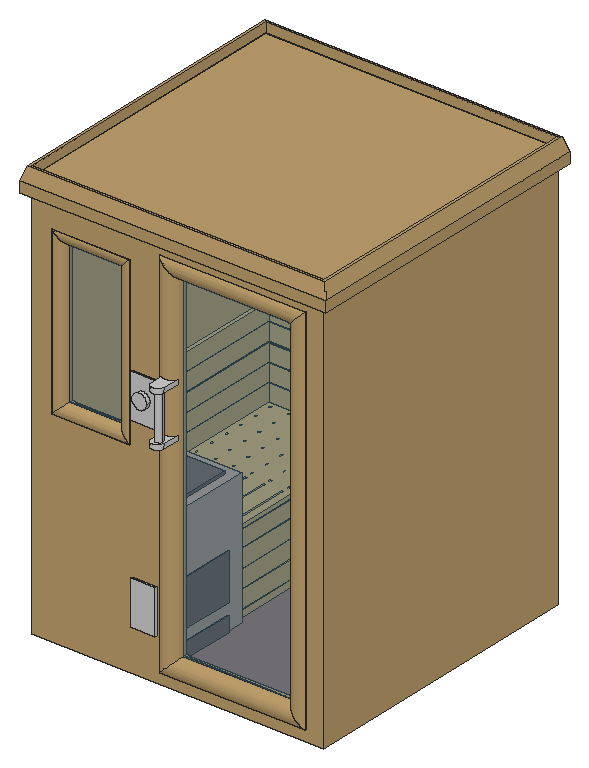
Revit family
Parameters (values of type "Sauna_Reed")
  Unit = Wood Pane
  Subcategory = "Sauna"
  SmartBIM Object Version = 3  # constant formula
  SmartBIM Object Created By = "Reed Construction Data"  # constant formula
  Manufacturer = ""
  Handle = Stainless Steel
  Default Elevation = 0"  # constant formula
  Assembly Code = "D5020200"
  95 CSI = "13030"
  04 CSI = "13 24 16"
Reference planes (in)
  plane 1 "Center (Front/Back)": y = 0.5
  plane 2: z = 0
  plane 3 "Center (Left/Right)": x = -5
  plane 4 "Back": y = 30.5
  plane 5 "Front": y = -29.5
  plane 6 "Left": x = -35
  plane 7 "Right": x = 25
  plane 8 "Top": z = 84
  plane 9: z = 2
  plane 10: z = 81
Forms (in)
  Extrusion 1, solid, material "Wood Pane"
    sketch origin (0, 0, 0) x (1, 0, 0) y (0, 1, 0)
      loop
        line (-35, 30.5) -> (-35, -29.5) -> (25, -29.5) -> (25, 30.5) -> (-35, 30.5)
      loop
        line (-32, 27.5) -> (-32, -26.5) -> (22, -26.5) -> (22, 27.5) -> (-32, 27.5)
    from 0 to 81
  Extrusion 2, solid, material "Wood Pane"
    sketch origin (0, 0, 0) x (1, 0, 0) y (0, 1, 0)
      loop
        line (25, 30.5) -> (-35, 30.5) -> (-35, -29.5) -> (25, -29.5) -> (25, 30.5)
    from 81 to 84
  Sweep 3, solid, material "Wood Pane" <- "Unit"
    path origin (-60, -180, 84) x (-1, 0, 0) y (0, -1, 0)
      loop
        line (-25, -210.5) -> (-25, -150.5) -> (-85, -150.5) -> (-85, -210.5) -> (-25, -210.5)
    profile origin (-5, 30.5, 84) x (0, 1, 0) y (0, 0, 1)
      loop
        line (0, 0) -> (0.3001, -0.95089) -> (0.3001, -3) -> (1.3001, -3) -> (1.3001, -0.79684) -> (0.42262, 1.98352) -> (0, 1.98352) -> (0, 0)
  Extrusion 4, void
    sketch origin (0, 0.5, 0) x (1, 0, 0) y (0, 0, 1)
      loop
        line (-30.76791, 75.85397) -> (-30.76791, 41.85397) -> (-14.76791, 41.85397) -> (-14.76791, 75.85397) -> (-30.76791, 75.85397)
      loop
        line (21.26791, 78.85397) -> (-8.73209, 78.85397) -> (-8.73209, 2) -> (21.26791, 2) -> (21.26791, 78.85397)
    from 27 to 30
  Sweep 5, solid, material "Wood Pane"
    path origin (-60, -29.5, 48) x (-1, 0, 0) y (0, 0, 1)
      loop
        line (-45.23209, 27.85397) -> (-45.23209, -6.14603) -> (-29.23209, -6.14603) -> (-29.23209, 27.85397) -> (-45.23209, 27.85397)
    profile origin (-22.76791, -29.5, 75.85397) x (0, 0, 1) y (0, 1, 0)
      loop
        line (0, 0) -> (0, 3)
        arc (0, 3) -> (-1.55569, 2.94278) -> (-2.38449, 1.625) r 1.66547
        line (-2.38449, 1.625) -> (-1.35794, 1.625) -> (-1.35794, 1.375) -> (-2.38449, 1.375)
        arc (-2.38449, 1.375) -> (-1.55569, 0.05722) -> (0, 0) r 1.66547
  Extrusion 6, solid, material "Glass"
    sketch origin (-5, 0, 0) x (0, 1, 0) y (0, 0, 1)
      loop
        line (-28.125, 43.21191) -> (-27.875, 43.21191) -> (-27.875, 74.49603) -> (-28.125, 74.49603) -> (-28.125, 43.21191)
    from -24.40997 to -11.12585
  Sweep 7, solid, material "Wood Pane"
    path origin (-60, -29.5, 48) x (-1, 0, 0) y (0, 0, 1)
      loop
        line (-81.26791, 30.85397) -> (-81.26791, -46) -> (-51.26791, -46) -> (-51.26791, 30.85397) -> (-81.26791, 30.85397)
    profile origin (6.26791, -29.5, 78.85397) x (0, 0, 1) y (0, 1, 0)
      loop
        line (0, 0) -> (0, 3)
        arc (0, 3) -> (-2.2872, 3.51077) -> (-3.67861, 1.625) r 2.14665
        line (-3.67861, 1.625) -> (-3, 1.625) -> (-3, 1.375) -> (-3.67861, 1.375)
        arc (-3.67861, 1.375) -> (-2.2872, -0.51077) -> (0, 0) r 2.14665
  Extrusion 8, solid, material "Floor"
    sketch origin (-60, -180, 84) x (-1, 0, 0) y (0, -1, 0)
      loop
        line (-28, -207.5) -> (-28, -153.5) -> (-82, -153.5) -> (-82, -207.5) -> (-28, -207.5)
    from -84 to -82
  Extrusion 9, solid, material "Glass"
    sketch origin (-5, 0, 0) x (0, 1, 0) y (0, 0, 1)
      loop
        line (-28.125, 5) -> (-27.875, 5) -> (-27.875, 75.85397) -> (-28.125, 75.85397) -> (-28.125, 5)
    from -0.73209 to 23.26791
  Extrusion 10, solid, material "Stainless Steel" <- "Handle"
    sketch origin (0, 0.5, 8) x (1, 0, 0) y (0, 0, 1)
      loop
        line (-14.28507, 47.70682) -> (-14.28507, 38.70682) -> (-9.28507, 38.70682) -> (-9.28507, 47.70682) -> (-14.28507, 47.70682)
    from 30 to 30.5
  Extrusion 11, solid, material "Stainless Steel" <- "Handle"
    sketch origin (0, 0.5, 0) x (1, 0, 0) y (0, 0, 1)
      loop
        circle (-11.82607, 51.31463) r 1.5
    from 30 to 31.3001
  Extrusion 12, solid, material "Stainless Steel" <- "Handle"
    sketch origin (-60, -180, 56) x (-1, 0, 0) y (0, -1, 0)
      loop
        arc (-54.625, -150.86409) -> (-53.46811, -149.95882) -> (-52, -150.00941) r 2.14665
        line (-52, -150.00941) -> (-52, -147.5)
        arc (-52, -147.5) -> (-53.3125, -146.1875) -> (-54.625, -147.5) r 1.3125
        line (-54.625, -147.5) -> (-54.625, -150.86409)
    from 0 to 0.90103
  Extrusion 13, solid, material "Stainless Steel" <- "Handle"
    sketch origin (-60, -180, 46.60784) x (0, 1, 0) y (1, 0, 0)
      loop
        line (150.86409, 54.625) -> (147.5, 54.625)
        arc (147.5, 54.625) -> (146.1875, 53.3125) -> (147.5, 52) r 1.3125
        line (147.5, 52) -> (150.00941, 52)
        arc (150.00941, 52) -> (149.95882, 53.46811) -> (150.86409, 54.625) r 2.14665
    from 0 to 0.90103
  Extrusion 14, solid, material "Stainless Steel" <- "Handle"
    sketch origin (-60, -180, 84) x (-1, 0, 0) y (0, -1, 0)
      loop
        circle (-53.26816, -147.90177) r 0.75
    from -37.39216 to -28
  Extrusion 15, solid, material "Stainless Steel"
    sketch origin (0, 0.5, -30) x (1, 0, 0) y (0, 0, 1)
      loop
        line (-14.28507, 47.70682) -> (-14.28507, 38.70682) -> (-9.28507, 38.70682) -> (-9.28507, 47.70682) -> (-14.28507, 47.70682)
    from 30 to 30.5
  Extrusion 16, solid, material "masonry"
    sketch origin (46.99386, -10.29712, 2) x (0, 1, 0) y (-1, 0, 0)
      loop
        line (-16.29116, 78.99386) -> (-16.29116, 58.5652)
        arc (-16.29116, 58.5652) -> (-16.70261, 56.42448) -> (-14.63766, 55.72595) r 1.6582
        line (-14.63766, 55.72595) -> (1.80592, 55.72595) -> (1.80592, 78.99386) -> (-16.29116, 78.99386)
    from 0 to 27.55906
  Extrusion 17, solid, material "black iron"
    sketch origin (-8.73209, -24.93478, 29.55906) x (0, 0, -1) y (0, 1, 0)
      loop
        line (27.55906, 12.58358) -> (24.40945, 12.58358) -> (24.40945, 2.03528) -> (27.55906, 2.03528) -> (27.55906, 12.58358)
      loop
        line (22.00597, 12.58358) -> (12.57626, 12.58358) -> (12.57626, 2.03528) -> (22.00597, 2.03528) -> (22.00597, 12.58358)
    from -0.19685 to 0.3937
  Extrusion 18, solid, material "black iron"
    sketch origin (46.99386, -10.29712, 29.55906) x (0, 1, 0) y (-1, 0, 0)
      loop
        line (-14.14373, 76.97961) -> (-14.14373, 57.64871) -> (0.01635, 57.64871) -> (0.01635, 76.97961) -> (-14.14373, 76.97961)
    from -0.19685 to 0.3937
  Extrusion 19, solid, material "Wood Pane"
    sketch origin (0, 0.5, 0) x (1, 0, 0) y (0, 0, 1)
      loop
        line (-31.2126, 19.17797) -> (-31.2126, 22.67797) -> (-31.40945, 22.67797) -> (-31.40945, 22.92797) -> (-31.15945, 22.92797) -> (-31.15945, 26.42797) -> (-31.40945, 26.42797) -> (-31.40945, 26.67797) -> (-31.15945, 26.67797) -> (-31.15945, 30.17797) -> (-31.40945, 30.17797) -> (-31.40945, 30.42797) -> (-31.15945, 30.42797) -> (-31.15945, 33.92797) -> (-31.40945, 33.92797) -> (-31.40945, 34.17797) -> (-31.15945, 34.17797) -> (-31.15945, 37.67285) -> (-32, 37.67285) -> (-32, 18.33742) -> (-10.55315, 18.33742) -> (-10.55315, 2) -> (-9.7126, 2) -> (-9.7126, 3.34253) -> (-9.9626, 3.34253) -> (-9.9626, 3.59253) -> (-9.7126, 3.59253) -> (-9.7126, 7.09253) -> (-9.9626, 7.09253) -> (-9.9626, 7.34253) -> (-9.7126, 7.34253) -> (-9.7126, 10.84253) -> (-9.9626, 10.84253) -> (-9.9626, 11.09253) -> (-9.7126, 11.09253) -> (-9.7126, 14.59253) -> (-9.9626, 14.59253) -> (-9.9626, 14.84253) -> (-9.7126, 14.84253) -> (-9.7126, 18.08742) -> (-9.9626, 18.08742) -> (-9.9626, 18.33742) -> (-9.7126, 18.33742) -> (-9.7126, 19.17797) -> (-11.2126, 19.17797) -> (-11.2126, 18.92797) -> (-11.4626, 18.92797) -> (-11.4626, 19.17797) -> (-14.9626, 19.17797) -> (-14.9626, 18.92797) -> (-15.2126, 18.92797) -> (-15.2126, 19.17797) -> (-18.7126, 19.17797) -> (-18.7126, 18.92797) -> (-18.9626, 18.92797) -> (-18.9626, 19.17797) -> (-22.4626, 19.17797) -> (-22.4626, 18.92797) -> (-22.7126, 18.92797) -> (-22.7126, 19.17797) -> (-26.2126, 19.17797) -> (-26.2126, 18.92797) -> (-26.4626, 18.92797) -> (-26.4626, 19.17797) -> (-29.9626, 19.17797) -> (-29.9626, 18.92797) -> (-30.2126, 18.92797) -> (-30.2126, 19.17797) -> (-31.2126, 19.17797)
    from -27 to 8.99119
  Extrusion 20, solid, material "Wood Pane"
    sketch origin (-5, 0, 0) x (0, 1, 0) y (0, 0, 1)
      loop
        line (26.65945, 26.67797) -> (26.90945, 26.67797) -> (26.90945, 26.42797) -> (26.65945, 26.42797) -> (26.65945, 22.92797) -> (26.90945, 22.92797) -> (26.90945, 22.67797) -> (26.7126, 22.67797) -> (26.7126, 19.17797) -> (25.7126, 19.17797) -> (25.7126, 18.92797) -> (25.4626, 18.92797) -> (25.4626, 19.17797) -> (21.9626, 19.17797) -> (21.9626, 18.92797) -> (21.7126, 18.92797) -> (21.7126, 19.17797) -> (18.2126, 19.17797) -> (18.2126, 18.92797) -> (17.9626, 18.92797) -> (17.9626, 19.17797) -> (14.4626, 19.17797) -> (14.4626, 18.92797) -> (14.2126, 18.92797) -> (14.2126, 19.17797) -> (10.7126, 19.17797) -> (10.7126, 18.92797) -> (10.4626, 18.92797) -> (10.4626, 19.17797) -> (6.9626, 19.17797) -> (6.9626, 18.92797) -> (6.7126, 18.92797) -> (6.7126, 19.17797) -> (5.2126, 19.17797) -> (5.2126, 18.33742) -> (5.4626, 18.33742) -> (5.4626, 18.08742) -> (5.2126, 18.08742) -> (5.2126, 14.84253) -> (5.4626, 14.84253) -> (5.4626, 14.59253) -> (5.2126, 14.59253) -> (5.2126, 11.09253) -> (5.4626, 11.09253) -> (5.4626, 10.84253) -> (5.2126, 10.84253) -> (5.2126, 7.34253) -> (5.4626, 7.34253) -> (5.4626, 7.09253) -> (5.2126, 7.09253) -> (5.2126, 3.59253) -> (5.4626, 3.59253) -> (5.4626, 3.34253) -> (5.2126, 3.34253) -> (5.2126, 2) -> (6.05315, 2) -> (6.05315, 18.33742) -> (27.5, 18.33742) -> (27.5, 37.67285) -> (26.65945, 37.67285) -> (26.65945, 34.17797) -> (26.90945, 34.17797) -> (26.90945, 33.92797) -> (26.65945, 33.92797) -> (26.65945, 30.42797) -> (26.90945, 30.42797) -> (26.90945, 30.17797) -> (26.65945, 30.17797) -> (26.65945, 26.67797)
    from -27 to 27
Cuts and joins
  Extrusion 4 cuts Extrusion 1
  Extrusion 4 cuts Extrusion 2
  joined: Extrusion 1, Extrusion 2, Extrusion 19, Extrusion 20
  joined: Extrusion 10, Extrusion 11, Extrusion 12, Extrusion 13, Extrusion 14
Dimensions and locks (in)
  equal spacing: plane 6 "Left", plane 3 "Center (Left/Right)", plane 7 "Right"
  locked: plane 6 "Left" to plane 7 "Right" at 60
  equal spacing: plane 4 "Back", plane 1 "Center (Front/Back)", plane 5 "Front"
  locked: plane 4 "Back" to plane 5 "Front" at 60
  locked: plane 8 "Top" to level at 84
  locked: plane 9 to level at 2
  locked: plane 8 "Top" to plane 10 at 3
  Extrusion 1 sketch curve to Extrusion 1 sketch curve = 3"
  locked: Extrusion 1 sketch curve to Extrusion 1 sketch curve at 3  (x3)
  locked: Sweep 3 sketch curve to Sweep 3 sketch curve at 1  (x2)
  locked: Extrusion 10 to Extrusion 10 at 0.5
  locked: Extrusion 15 to Extrusion 15 at 0.5
  aligned and locked: Extrusion 1 sketch curve to plane 4 "Back"
  aligned and locked: Extrusion 1 sketch curve to plane 6 "Left"
  aligned and locked: Extrusion 1 sketch curve to plane 5 "Front"
  aligned and locked: Extrusion 1 sketch curve to plane 7 "Right"
  aligned and locked: plane 10 to Extrusion 1
  aligned and locked: Extrusion 1 to level
  aligned and locked: Extrusion 2 sketch curve to Extrusion 1  (x4)
  aligned and locked: plane 8 "Top" to Extrusion 2
  aligned and locked: Extrusion 2 to plane 10
  aligned and locked: Sweep 3 sketch curve to cut or joined group of Extrusion 1, Extrusion 2, Extrusion 4, Extrusion 19, Extrusion 20  (x3)
  aligned and locked: cut or joined group of Extrusion 1, Extrusion 2, Extrusion 4, Extrusion 19, Extrusion 20 to Sweep 3 sketch curve
  aligned and locked: profile plane to Sweep 3 sketch curve
  aligned and locked: Sweep 3 sketch curve to profile plane
  aligned and locked: Sweep 3 sketch curve to plane 10
  aligned and locked: Extrusion 4 sketch curve to plane 9
  aligned and locked: Extrusion 4 to plane 5 "Front"
  aligned and locked: cut or joined group of Extrusion 1, Extrusion 2, Extrusion 4, Extrusion 19, Extrusion 20 to Extrusion 4
  aligned and locked: cut or joined group of Extrusion 1, Extrusion 2, Extrusion 4, Extrusion 19, Extrusion 20 to Sweep 5 sketch curve
  aligned and locked: Sweep 5 sketch curve to cut or joined group of Extrusion 1, Extrusion 2, Extrusion 4, Extrusion 19, Extrusion 20  (x4)
  aligned and locked: Extrusion 6 sketch curve to Sweep 5  (x4)
  aligned and locked: Extrusion 6 to Sweep 5  (x2)
  aligned and locked: cut or joined group of Extrusion 1, Extrusion 2, Extrusion 4, Extrusion 19, Extrusion 20 to Sweep 7 sketch curve
  aligned and locked: Sweep 7 sketch curve to cut or joined group of Extrusion 1, Extrusion 2, Extrusion 4, Extrusion 19, Extrusion 20  (x4)
  aligned and locked: Extrusion 8 sketch curve to cut or joined group of Extrusion 1, Extrusion 2, Extrusion 4, Extrusion 19, Extrusion 20  (x4)
  aligned and locked: Extrusion 8 to plane 9
  aligned and locked: Extrusion 8 to level
  aligned and locked: Sweep 7 sketch curve to Extrusion 6
  aligned and locked: Extrusion 6 to Sweep 7 sketch curve
  aligned and locked: Sweep 5 to Sweep 7 sketch curve
  aligned and locked: Extrusion 9 sketch curve to Sweep 7  (x4)
  aligned and locked: Extrusion 9 to Sweep 7  (x2)
  aligned and locked: plane 5 "Front" to Extrusion 10
  aligned and locked: Extrusion 11 to cut or joined group of Extrusion 1, Extrusion 2, Extrusion 4, Extrusion 19, Extrusion 20
  aligned and locked: Extrusion 12 sketch curve to Sweep 7
  aligned and locked: cut or joined group of Extrusion 10, Extrusion 11, Extrusion 12, Extrusion 13, Extrusion 14 to cut or joined group of Extrusion 10, Extrusion 11, Extrusion 12, Extrusion 13, Extrusion 14  (x2)
  aligned and locked: cut or joined group of Extrusion 1, Extrusion 2, Extrusion 4, Extrusion 19, Extrusion 20 to cut or joined group of Extrusion 1, Extrusion 2, Extrusion 4, Extrusion 19, Extrusion 20  (x3)
  aligned and locked: cut or joined group of Extrusion 1, Extrusion 2, Extrusion 4, Extrusion 19, Extrusion 20 to Extrusion 16
Automatic sketch dimensions
  Sweep 3 sketch curve to plane 8 "Top" = 0"
  Sweep 3 sketch curve to profile plane = 0.3001"
  Sweep 3 sketch curve to profile plane = 0.42262"
  Sweep 3 sketch curve to plane 8 "Top" = 0.95089"
  plane 6 "Left" to Extrusion 4 sketch curve = 4.23209"
  Extrusion 4 sketch curve to plane 3 "Center (Left/Right)" = 9.76791"
  Extrusion 4 sketch curve to plane 3 "Center (Left/Right)" = 3.73209"
  Extrusion 4 sketch curve to plane 7 "Right" = 3.73209"
  Extrusion 4 sketch curve to plane 10 = 39.14603"
  Extrusion 4 sketch curve to plane 10 = 5.14603"
  Extrusion 4 sketch curve to plane 10 = 2.14603"
  Sweep 5 sketch curve to Sweep 5 sketch curve = 0"  (x3)
  Sweep 5 sketch curve to plane 5 "Front" = 0"
  profile plane to Sweep 5 sketch curve = 0.72373"
  Sweep 5 sketch curve to Sweep 5 sketch curve = 0.63422"
  Sweep 5 sketch curve to Sweep 5 sketch curve = 1.02655"
  plane 5 "Front" to Sweep 5 sketch curve = 1 3/8"
  Sweep 5 sketch curve to Sweep 5 sketch curve = 1/4"
  Sweep 7 sketch curve to Sweep 7 sketch curve = 0"  (x3)
  Sweep 7 sketch curve to plane 5 "Front" = 0"
  Sweep 7 sketch curve to Sweep 7 sketch curve = 0.67861"
  Sweep 7 sketch curve to Sweep 7 sketch curve = 1.46439"
  Extrusion 10 sketch curve to plane 3 "Center (Left/Right)" = 9.28507"
  Extrusion 10 sketch curve to plane 3 "Center (Left/Right)" = 4.28507"
  Extrusion 10 sketch curve to plane 10 = 34.29318"
  Extrusion 10 sketch curve to Extrusion 10 sketch curve = 9"
  Extrusion 11 sketch curve to plane 3 "Center (Left/Right)" = 6.82607"
  Extrusion 11 sketch curve to plane 10 = 29.68537"
  Extrusion 12 sketch curve to plane 3 "Center (Left/Right)" = 1 11/16"
  plane 5 "Front" to Extrusion 12 sketch curve = 0.36409"
  Extrusion 12 sketch curve to plane 5 "Front" = 3"
  Extrusion 13 sketch curve to plane 3 "Center (Left/Right)" = 3/8"
  Extrusion 13 sketch curve to plane 5 "Front" = 3"
  Extrusion 13 sketch curve to plane 5 "Front" = 0.49059"
  plane 5 "Front" to Extrusion 13 sketch curve = 0.36409"
  plane 5 "Front" to Extrusion 13 sketch curve = 1 1/2"
  Extrusion 13 sketch curve to Extrusion 13 sketch curve = 1 5/16"
  Extrusion 14 sketch curve to plane 3 "Center (Left/Right)" = 1.73184"
  Extrusion 14 sketch curve to plane 5 "Front" = 2.59823"
  Extrusion 15 sketch curve to plane 3 "Center (Left/Right)" = 9.28507"
  Extrusion 15 sketch curve to plane 3 "Center (Left/Right)" = 4.28507"
  plane 9 to Extrusion 15 sketch curve = 6.70682"
  Extrusion 15 sketch curve to Extrusion 15 sketch curve = 9"
  Extrusion 16 sketch curve to plane 4 "Back" = 57.08828"
  Extrusion 16 sketch curve to Extrusion 16 sketch curve = 1.02146"
  Extrusion 16 sketch curve to Extrusion 16 sketch curve = 0.63204"
  Extrusion 16 sketch curve to Extrusion 16 sketch curve = 16.44358"
  plane 6 "Left" to Extrusion 16 sketch curve = 26.26791"
  Extrusion 16 sketch curve to Extrusion 16 sketch curve = 1.53302"
  Extrusion 16 sketch curve to Extrusion 16 sketch curve = 20.42866"
  Extrusion 17 sketch curve to Extrusion 16 = 0"
  Extrusion 16 to Extrusion 17 sketch curve = 3.14961"
  Extrusion 17 sketch curve to Extrusion 17 sketch curve = 2.40348"
  Extrusion 16 to Extrusion 17 sketch curve = 2.03528"  (x2)
  Extrusion 17 sketch curve to Extrusion 17 sketch curve = 9 55/128"
  Extrusion 18 sketch curve to Extrusion 16 = 2.14743"
  Extrusion 18 sketch curve to Extrusion 16 = 1.78957"
  Extrusion 18 sketch curve to Extrusion 16 = 1.92276"
  Extrusion 18 sketch curve to Extrusion 16 = 2.01425"
  Extrusion 17 sketch curve to Extrusion 16 = 3.86"  (x2)
  Extrusion 19 sketch curve to plane 9 = 0"
  plane 6 "Left" to Extrusion 19 sketch curve = 3"
  plane 6 "Left" to Extrusion 19 sketch curve = 3.59055"  (x2)
  Extrusion 19 sketch curve to Extrusion 19 sketch curve = 0"  (x13)
  Extrusion 19 sketch curve to Extrusion 19 sketch curve = 0.19685"
  Extrusion 19 sketch curve to Extrusion 19 sketch curve = 1/4"  (x27)
  Extrusion 19 sketch curve to Extrusion 19 sketch curve = 1"
  Extrusion 19 sketch curve to Extrusion 19 sketch curve = 3 1/2"  (x12)
  Extrusion 19 sketch curve to Extrusion 19 sketch curve = 0.65945"
  Extrusion 19 sketch curve to Extrusion 19 sketch curve = 0.59055"  (x5)
  plane 9 to Extrusion 19 sketch curve = 1.34253"
  Extrusion 19 sketch curve to Extrusion 19 sketch curve = 3.24488"
  Extrusion 19 sketch curve to Extrusion 19 sketch curve = 0.84055"
  Extrusion 19 sketch curve to Extrusion 19 sketch curve = 3.49488"
  Extrusion 20 sketch curve to plane 9 = 0"
  Extrusion 20 sketch curve to plane 1 "Center (Front/Back)" = 4.7126"  (x2)
  Extrusion 20 sketch curve to Extrusion 20 sketch curve = 0"  (x14)
  Extrusion 20 sketch curve to Extrusion 20 sketch curve = 1/4"  (x27)
  Extrusion 20 sketch curve to Extrusion 20 sketch curve = 0.84055"  (x2)
  Extrusion 20 sketch curve to Extrusion 20 sketch curve = 0.65945"
  Extrusion 20 sketch curve to Extrusion 20 sketch curve = 3 1/2"  (x12)
  Extrusion 20 sketch curve to plane 4 "Back" = 3.84055"  (x2)
  Extrusion 20 sketch curve to Extrusion 20 sketch curve = 0.05315"
  Extrusion 20 sketch curve to Extrusion 20 sketch curve = 0.19685"
  plane 9 to Extrusion 20 sketch curve = 1.34253"
  Extrusion 20 sketch curve to Extrusion 20 sketch curve = 3.24488"
  Extrusion 20 sketch curve to Extrusion 20 sketch curve = 0.59055"  (x2)
  Extrusion 20 sketch curve to Extrusion 20 sketch curve = 3.49488"
  radius of Extrusion 11 sketch curve = 1 1/2"
  radius of Extrusion 14 sketch curve = 3/4"
